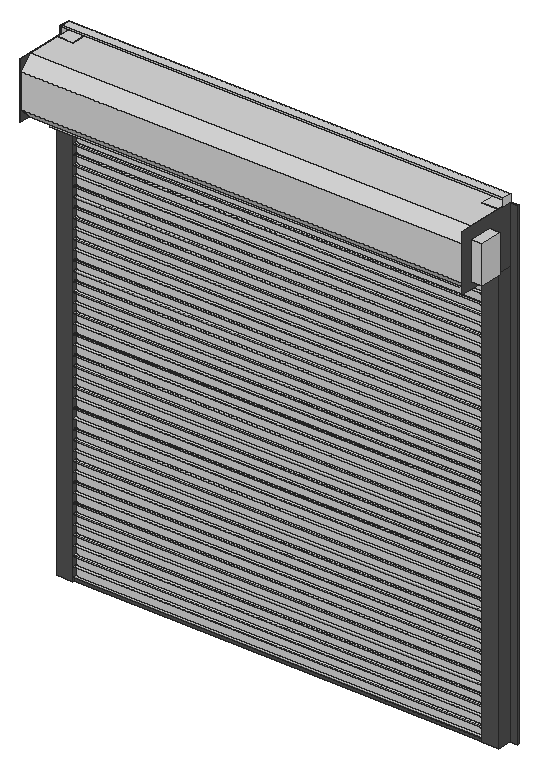
Revit family "Door_Overhead-Coiling-Fire_CHI_7300-Series-Manual", category Doors, host Wall, Revit 2026 (continued)
Definition of nested family "7300Series"
  Forms (in)
    Sweep 37, solid, material <- "Body", visible <- "Curved Slat", detail levels fine
      profile "Curved : Slat" origin (0, 4.5, 74.5) x (0, 0, 1) y (0, -1, 0)
        loop
          arc (1.5546, -0.51293) -> (1.23352, -0.55441) -> (0.91059, -0.53141) r 1.62522
          arc (0.91059, -0.53141) -> (0.83033, -0.49385) -> (0.78036, -0.42066) r 0.16796
          line (0.78036, -0.42066) -> (0.57669, 0.16982)
          arc (0.57669, 0.16982) -> (0.47751, 0.25609) -> (0.35313, 0.21355) r 0.13165
          line (0.35313, 0.21355) -> (0.19152, 0.0287)
          arc (0.19152, 0.0287) -> (-0.18091, 0.06911) -> (0.12361, -0.14908) r 0.19366
    Sweep 38, solid, material <- "Body", visible <- "Curved Slat", detail levels fine
      path origin (0, 4.5, 76.125) x (1, 0, 0) y (0, 0, 1)
        loop
          line (-36, 1) -> (36, 1)
      profile "Curved : Slat" origin (0, 4.5, 77.125) x (0, 0, 1) y (0, -1, 0)
        loop
          line (0.12361, -0.14908) -> (0.41902, 0.18881)
          arc (0.41902, 0.18881) -> (0.47785, 0.19232) -> (0.51866, 0.14981) r 0.07026
          line (0.51866, 0.14981) -> (0.72234, -0.44068)
          arc (0.72234, -0.44068) -> (0.79057, -0.54061) -> (0.90015, -0.5919) r 0.22934
          arc (0.90015, -0.5919) -> (1.23528, -0.61576) -> (1.56849, -0.57273) r 1.68661
          line (1.56849, -0.57273) -> (2.05553, -0.4596)
          arc (2.05553, -0.4596) -> (2.19143, -0.3765) -> (2.29279, -0.25361) r 0.48169
          line (2.29279, -0.25361) -> (2.41997, -0.03334) -> (2.5599, -0.03334)
          arc (2.5599, -0.03334) -> (2.77175, 0.1483) -> (2.49527, 0.18616) r 0.15297
          line (2.49527, 0.18616) -> (2.2261, -0.24458)
          arc (2.2261, -0.24458) -> (2.12605, -0.351) -> (1.99293, -0.41113) r 0.375
          line (1.99293, -0.41113) -> (1.5546, -0.51293)
          arc (1.5546, -0.51293) -> (1.23352, -0.55441) -> (0.91059, -0.53141) r 1.62522
          arc (0.91059, -0.53141) -> (0.83033, -0.49385) -> (0.78036, -0.42066) r 0.16796
          line (0.78036, -0.42066) -> (0.57669, 0.16982)
          arc (0.57669, 0.16982) -> (0.47751, 0.25609) -> (0.35313, 0.21355) r 0.13165
          line (0.35313, 0.21355) -> (0.19152, 0.0287)
          arc (0.19152, 0.0287) -> (-0.18091, 0.06911) -> (0.12361, -0.14908) r 0.19366
    Sweep 39, solid, material <- "Body", visible <- "Curved Slat", detail levels fine
      path origin (0, 4.5, 78.75) x (1, 0, 0) y (0, 0, 1)
        loop
          line (-36, 1) -> (36, 1)
      profile "Curved : Slat" origin (0, 4.5, 79.75) x (0, 0, 1) y (0, -1, 0)
        loop
          line (0.12361, -0.14908) -> (0.41902, 0.18881)
          arc (0.41902, 0.18881) -> (0.47785, 0.19232) -> (0.51866, 0.14981) r 0.07026
          line (0.51866, 0.14981) -> (0.72234, -0.44068)
          arc (0.72234, -0.44068) -> (0.79057, -0.54061) -> (0.90015, -0.5919) r 0.22934
          arc (0.90015, -0.5919) -> (1.23528, -0.61576) -> (1.56849, -0.57273) r 1.68661
          line (1.56849, -0.57273) -> (2.05553, -0.4596)
          arc (2.05553, -0.4596) -> (2.19143, -0.3765) -> (2.29279, -0.25361) r 0.48169
          line (2.29279, -0.25361) -> (2.41997, -0.03334) -> (2.5599, -0.03334)
          arc (2.5599, -0.03334) -> (2.77175, 0.1483) -> (2.49527, 0.18616) r 0.15297
          line (2.49527, 0.18616) -> (2.2261, -0.24458)
          arc (2.2261, -0.24458) -> (2.12605, -0.351) -> (1.99293, -0.41113) r 0.375
          line (1.99293, -0.41113) -> (1.5546, -0.51293)
          arc (1.5546, -0.51293) -> (1.23352, -0.55441) -> (0.91059, -0.53141) r 1.62522
          arc (0.91059, -0.53141) -> (0.83033, -0.49385) -> (0.78036, -0.42066) r 0.16796
          line (0.78036, -0.42066) -> (0.57669, 0.16982)
          arc (0.57669, 0.16982) -> (0.47751, 0.25609) -> (0.35313, 0.21355) r 0.13165
          line (0.35313, 0.21355) -> (0.19152, 0.0287)
          arc (0.19152, 0.0287) -> (-0.18091, 0.06911) -> (0.12361, -0.14908) r 0.19366
    Sweep 40, solid, material <- "Body", visible <- "Curved Slat", detail levels fine
      path origin (0, 4.5, 81.375) x (1, 0, 0) y (0, 0, 1)
        loop
          line (-36, 1) -> (36, 1)
      profile "Curved : Slat" origin (0, 4.5, 82.375) x (0, 0, 1) y (0, -1, 0)
        loop
          line (0.12361, -0.14908) -> (0.41902, 0.18881)
          arc (0.41902, 0.18881) -> (0.47785, 0.19232) -> (0.51866, 0.14981) r 0.07026
          line (0.51866, 0.14981) -> (0.72234, -0.44068)
          arc (0.72234, -0.44068) -> (0.79057, -0.54061) -> (0.90015, -0.5919) r 0.22934
          arc (0.90015, -0.5919) -> (1.23528, -0.61576) -> (1.56849, -0.57273) r 1.68661
          line (1.56849, -0.57273) -> (2.05553, -0.4596)
          arc (2.05553, -0.4596) -> (2.19143, -0.3765) -> (2.29279, -0.25361) r 0.48169
          line (2.29279, -0.25361) -> (2.41997, -0.03334) -> (2.5599, -0.03334)
          arc (2.5599, -0.03334) -> (2.77175, 0.1483) -> (2.49527, 0.18616) r 0.15297
          line (2.49527, 0.18616) -> (2.2261, -0.24458)
          arc (2.2261, -0.24458) -> (2.12605, -0.351) -> (1.99293, -0.41113) r 0.375
          line (1.99293, -0.41113) -> (1.5546, -0.51293)
          arc (1.5546, -0.51293) -> (1.23352, -0.55441) -> (0.91059, -0.53141) r 1.62522
          arc (0.91059, -0.53141) -> (0.83033, -0.49385) -> (0.78036, -0.42066) r 0.16796
          line (0.78036, -0.42066) -> (0.57669, 0.16982)
          arc (0.57669, 0.16982) -> (0.47751, 0.25609) -> (0.35313, 0.21355) r 0.13165
          line (0.35313, 0.21355) -> (0.19152, 0.0287)
          arc (0.19152, 0.0287) -> (-0.18091, 0.06911) -> (0.12361, -0.14908) r 0.19366
    Sweep 41, solid, material <- "Body", visible <- "Curved Slat", detail levels fine
      path origin (0, 4.5, 84) x (1, 0, 0) y (0, 0, 1)
        loop
          line (-36, 1) -> (36, 1)
      profile "Curved : Slat" origin (0, 4.5, 85) x (0, 0, 1) y (0, -1, 0)
        loop
          line (0.12361, -0.14908) -> (0.41902, 0.18881)
          arc (0.41902, 0.18881) -> (0.47785, 0.19232) -> (0.51866, 0.14981) r 0.07026
          line (0.51866, 0.14981) -> (0.72234, -0.44068)
          arc (0.72234, -0.44068) -> (0.79057, -0.54061) -> (0.90015, -0.5919) r 0.22934
          arc (0.90015, -0.5919) -> (1.23528, -0.61576) -> (1.56849, -0.57273) r 1.68661
          line (1.56849, -0.57273) -> (2.05553, -0.4596)
          arc (2.05553, -0.4596) -> (2.19143, -0.3765) -> (2.29279, -0.25361) r 0.48169
          line (2.29279, -0.25361) -> (2.41997, -0.03334) -> (2.5599, -0.03334)
          arc (2.5599, -0.03334) -> (2.77175, 0.1483) -> (2.49527, 0.18616) r 0.15297
          line (2.49527, 0.18616) -> (2.2261, -0.24458)
          arc (2.2261, -0.24458) -> (2.12605, -0.351) -> (1.99293, -0.41113) r 0.375
          line (1.99293, -0.41113) -> (1.5546, -0.51293)
          arc (1.5546, -0.51293) -> (1.23352, -0.55441) -> (0.91059, -0.53141) r 1.62522
          arc (0.91059, -0.53141) -> (0.83033, -0.49385) -> (0.78036, -0.42066) r 0.16796
          line (0.78036, -0.42066) -> (0.57669, 0.16982)
          arc (0.57669, 0.16982) -> (0.47751, 0.25609) -> (0.35313, 0.21355) r 0.13165
          line (0.35313, 0.21355) -> (0.19152, 0.0287)
          arc (0.19152, 0.0287) -> (-0.18091, 0.06911) -> (0.12361, -0.14908) r 0.19366
    Sweep 42, solid, material <- "Body", visible <- "Curved Slat", detail levels fine
      path origin (0, 4.5, 86.625) x (1, 0, 0) y (0, 0, 1)
        loop
          line (-36, 1) -> (36, 1)
      profile "Curved : Slat" origin (0, 4.5, 87.625) x (0, 0, 1) y (0, -1, 0)
        loop
          line (0.12361, -0.14908) -> (0.41902, 0.18881)
          arc (0.41902, 0.18881) -> (0.47785, 0.19232) -> (0.51866, 0.14981) r 0.07026
          line (0.51866, 0.14981) -> (0.72234, -0.44068)
          arc (0.72234, -0.44068) -> (0.79057, -0.54061) -> (0.90015, -0.5919) r 0.22934
          arc (0.90015, -0.5919) -> (1.23528, -0.61576) -> (1.56849, -0.57273) r 1.68661
          line (1.56849, -0.57273) -> (2.05553, -0.4596)
          arc (2.05553, -0.4596) -> (2.19143, -0.3765) -> (2.29279, -0.25361) r 0.48169
          line (2.29279, -0.25361) -> (2.41997, -0.03334) -> (2.5599, -0.03334)
          arc (2.5599, -0.03334) -> (2.77175, 0.1483) -> (2.49527, 0.18616) r 0.15297
          line (2.49527, 0.18616) -> (2.2261, -0.24458)
          arc (2.2261, -0.24458) -> (2.12605, -0.351) -> (1.99293, -0.41113) r 0.375
          line (1.99293, -0.41113) -> (1.5546, -0.51293)
          arc (1.5546, -0.51293) -> (1.23352, -0.55441) -> (0.91059, -0.53141) r 1.62522
          arc (0.91059, -0.53141) -> (0.83033, -0.49385) -> (0.78036, -0.42066) r 0.16796
          line (0.78036, -0.42066) -> (0.57669, 0.16982)
          arc (0.57669, 0.16982) -> (0.47751, 0.25609) -> (0.35313, 0.21355) r 0.13165
          line (0.35313, 0.21355) -> (0.19152, 0.0287)
          arc (0.19152, 0.0287) -> (-0.18091, 0.06911) -> (0.12361, -0.14908) r 0.19366
    Sweep 43, solid, material <- "Body", visible <- "Curved Slat", detail levels fine
      path origin (0, 4.5, 89.25) x (1, 0, 0) y (0, 0, 1)
        loop
          line (-36, 1) -> (36, 1)
      profile "Curved : Slat" origin (0, 4.5, 90.25) x (0, 0, 1) y (0, -1, 0)
        loop
          line (0.12361, -0.14908) -> (0.41902, 0.18881)
          arc (0.41902, 0.18881) -> (0.47785, 0.19232) -> (0.51866, 0.14981) r 0.07026
          line (0.51866, 0.14981) -> (0.72234, -0.44068)
          arc (0.72234, -0.44068) -> (0.79057, -0.54061) -> (0.90015, -0.5919) r 0.22934
          arc (0.90015, -0.5919) -> (1.23528, -0.61576) -> (1.56849, -0.57273) r 1.68661
          line (1.56849, -0.57273) -> (2.05553, -0.4596)
          arc (2.05553, -0.4596) -> (2.19143, -0.3765) -> (2.29279, -0.25361) r 0.48169
          line (2.29279, -0.25361) -> (2.41997, -0.03334) -> (2.5599, -0.03334)
          arc (2.5599, -0.03334) -> (2.77175, 0.1483) -> (2.49527, 0.18616) r 0.15297
          line (2.49527, 0.18616) -> (2.2261, -0.24458)
          arc (2.2261, -0.24458) -> (2.12605, -0.351) -> (1.99293, -0.41113) r 0.375
          line (1.99293, -0.41113) -> (1.5546, -0.51293)
          arc (1.5546, -0.51293) -> (1.23352, -0.55441) -> (0.91059, -0.53141) r 1.62522
          arc (0.91059, -0.53141) -> (0.83033, -0.49385) -> (0.78036, -0.42066) r 0.16796
          line (0.78036, -0.42066) -> (0.57669, 0.16982)
          arc (0.57669, 0.16982) -> (0.47751, 0.25609) -> (0.35313, 0.21355) r 0.13165
          line (0.35313, 0.21355) -> (0.19152, 0.0287)
          arc (0.19152, 0.0287) -> (-0.18091, 0.06911) -> (0.12361, -0.14908) r 0.19366
    Sweep 44, solid, material <- "Body", visible <- "Curved Slat", detail levels fine
      path origin (0, 4.5, 91.875) x (1, 0, 0) y (0, 0, 1)
        loop
          line (-36, 1) -> (36, 1)
      profile "Curved : Slat" origin (0, 4.5, 92.875) x (0, 0, 1) y (0, -1, 0)
        loop
          line (0.12361, -0.14908) -> (0.41902, 0.18881)
          arc (0.41902, 0.18881) -> (0.47785, 0.19232) -> (0.51866, 0.14981) r 0.07026
          line (0.51866, 0.14981) -> (0.72234, -0.44068)
          arc (0.72234, -0.44068) -> (0.79057, -0.54061) -> (0.90015, -0.5919) r 0.22934
          arc (0.90015, -0.5919) -> (1.23528, -0.61576) -> (1.56849, -0.57273) r 1.68661
          line (1.56849, -0.57273) -> (2.05553, -0.4596)
          arc (2.05553, -0.4596) -> (2.19143, -0.3765) -> (2.29279, -0.25361) r 0.48169
          line (2.29279, -0.25361) -> (2.41997, -0.03334) -> (2.5599, -0.03334)
          arc (2.5599, -0.03334) -> (2.77175, 0.1483) -> (2.49527, 0.18616) r 0.15297
          line (2.49527, 0.18616) -> (2.2261, -0.24458)
          arc (2.2261, -0.24458) -> (2.12605, -0.351) -> (1.99293, -0.41113) r 0.375
          line (1.99293, -0.41113) -> (1.5546, -0.51293)
          arc (1.5546, -0.51293) -> (1.23352, -0.55441) -> (0.91059, -0.53141) r 1.62522
          arc (0.91059, -0.53141) -> (0.83033, -0.49385) -> (0.78036, -0.42066) r 0.16796
          line (0.78036, -0.42066) -> (0.57669, 0.16982)
          arc (0.57669, 0.16982) -> (0.47751, 0.25609) -> (0.35313, 0.21355) r 0.13165
          line (0.35313, 0.21355) -> (0.19152, 0.0287)
          arc (0.19152, 0.0287) -> (-0.18091, 0.06911) -> (0.12361, -0.14908) r 0.19366
    Sweep 45, solid, material <- "Body", visible <- "Curved Slat", detail levels fine
      path origin (0, 4.5, 94.5) x (1, 0, 0) y (0, 0, 1)
        loop
          line (-36, 1) -> (36, 1)
      profile "Curved : Slat" origin (0, 4.5, 95.5) x (0, 0, 1) y (0, -1, 0)
        loop
          line (0.12361, -0.14908) -> (0.41902, 0.18881)
          arc (0.41902, 0.18881) -> (0.47785, 0.19232) -> (0.51866, 0.14981) r 0.07026
          line (0.51866, 0.14981) -> (0.72234, -0.44068)
          arc (0.72234, -0.44068) -> (0.79057, -0.54061) -> (0.90015, -0.5919) r 0.22934
          arc (0.90015, -0.5919) -> (1.23528, -0.61576) -> (1.56849, -0.57273) r 1.68661
          line (1.56849, -0.57273) -> (2.05553, -0.4596)
          arc (2.05553, -0.4596) -> (2.19143, -0.3765) -> (2.29279, -0.25361) r 0.48169
          line (2.29279, -0.25361) -> (2.41997, -0.03334) -> (2.5599, -0.03334)
          arc (2.5599, -0.03334) -> (2.77175, 0.1483) -> (2.49527, 0.18616) r 0.15297
          line (2.49527, 0.18616) -> (2.2261, -0.24458)
          arc (2.2261, -0.24458) -> (2.12605, -0.351) -> (1.99293, -0.41113) r 0.375
          line (1.99293, -0.41113) -> (1.5546, -0.51293)
          arc (1.5546, -0.51293) -> (1.23352, -0.55441) -> (0.91059, -0.53141) r 1.62522
          arc (0.91059, -0.53141) -> (0.83033, -0.49385) -> (0.78036, -0.42066) r 0.16796
          line (0.78036, -0.42066) -> (0.57669, 0.16982)
          arc (0.57669, 0.16982) -> (0.47751, 0.25609) -> (0.35313, 0.21355) r 0.13165
          line (0.35313, 0.21355) -> (0.19152, 0.0287)
          arc (0.19152, 0.0287) -> (-0.18091, 0.06911) -> (0.12361, -0.14908) r 0.19366
    Extrusion 46, solid, material <- "Frame"
      sketch origin (0, 4.5, 0) x (0, 1, 0) y (0, 0, 1)
        loop
          line (0.49081, 0.89822) -> (-0.25919, 0.75244) -> (-0.25919, 0) -> (0.49081, 0) -> (0.49081, 0.89822)
      from -36 to 36
    Extrusion 47, solid, material <- "Body"
      sketch origin (-11.94222, -8, 48) x (-1, 0, 0) y (0, 0, 1)
        loop
          line (-55.19222, 62) -> (-55.19222, 52) -> (-51.44222, 52) -> (-51.44222, 62) -> (-55.19222, 62)
      from 2.78531 to 8.83592
    Extrusion 48, solid, material <- "curtain material for coarse and medium detail views", detail levels coarse+medium
      sketch origin (0, 0, 0) x (0, 1, 0) y (0, 0, 1)
        loop
          line (4.99081, 0.89822) -> (4.99081, 98.75244) -> (4.24081, 98.75244) -> (4.24081, 0.75244) -> (4.99081, 0.89822)
      from -36 to 36
    Extrusion 49, solid, material <- "Frame"
      sketch origin (-42.5, 19.20673, 48) x (0, 1, 0) y (0, 0, 1)
        loop
          circle (-19.77012, 57.15007) r 3.25
      from 0 to 6.5
    Sweep 50, solid, material <- "Body", visible <- "Flat Slat", detail levels fine
      path origin (0, 0, 0) x (1, 0, 0) y (0, 0, 1)
        loop
          line (-36, 1) -> (36, 1)
      profile "Flat : Slat" origin (0, 0, 1) x (0, 0, 1) y (0, -1, 0)
        loop
          line (2.23322, -4.99081) -> (2.26116, -4.67141) -> (2.67319, -4.67141)
          arc (2.67319, -4.67141) -> (2.56492, -4.25694) -> (2.21349, -4.50191) r 0.2611
          line (2.21349, -4.50191) -> (2.17618, -4.92831) -> (-0.05026, -4.92831) -> (-0.09564, -4.69484) -> (-0.03027, -4.69484)
          arc (-0.03027, -4.69484) -> (0.14975, -4.37172) -> (-0.19718, -4.5) r 0.19718
          line (-0.19718, -4.5) -> (-0.10178, -4.99081) -> (2.23322, -4.99081)
    Sweep 51, solid, material <- "Body", visible <- "Flat Slat", detail levels fine
      path origin (0, 0, 2.5) x (1, 0, 0) y (0, 0, 1)
        loop
          line (-36, 1) -> (36, 1)
      profile "Flat : Slat" origin (0, 0, 3.5) x (0, 0, 1) y (0, -1, 0)
        loop
          line (2.23322, -4.99081) -> (2.26116, -4.67141) -> (2.67319, -4.67141)
          arc (2.67319, -4.67141) -> (2.56492, -4.25694) -> (2.21349, -4.50191) r 0.2611
          line (2.21349, -4.50191) -> (2.17618, -4.92831) -> (-0.05026, -4.92831) -> (-0.09564, -4.69484) -> (-0.03027, -4.69484)
          arc (-0.03027, -4.69484) -> (0.14975, -4.37172) -> (-0.19718, -4.5) r 0.19718
          line (-0.19718, -4.5) -> (-0.10178, -4.99081) -> (2.23322, -4.99081)
    Sweep 52, solid, material <- "Body", visible <- "Flat Slat", detail levels fine
      path origin (0, 0, 5) x (1, 0, 0) y (0, 0, 1)
        loop
          line (-36, 1) -> (36, 1)
      profile "Flat : Slat" origin (0, 0, 6) x (0, 0, 1) y (0, -1, 0)
        loop
          line (2.23322, -4.99081) -> (2.26116, -4.67141) -> (2.67319, -4.67141)
          arc (2.67319, -4.67141) -> (2.56492, -4.25694) -> (2.21349, -4.50191) r 0.2611
          line (2.21349, -4.50191) -> (2.17618, -4.92831) -> (-0.05026, -4.92831) -> (-0.09564, -4.69484) -> (-0.03027, -4.69484)
          arc (-0.03027, -4.69484) -> (0.14975, -4.37172) -> (-0.19718, -4.5) r 0.19718
          line (-0.19718, -4.5) -> (-0.10178, -4.99081) -> (2.23322, -4.99081)
    Sweep 53, solid, material <- "Body", visible <- "Flat Slat", detail levels fine
      path origin (0, 0, 7.5) x (1, 0, 0) y (0, 0, 1)
        loop
          line (-36, 1) -> (36, 1)
      profile "Flat : Slat" origin (0, 0, 8.5) x (0, 0, 1) y (0, -1, 0)
        loop
          line (2.23322, -4.99081) -> (2.26116, -4.67141) -> (2.67319, -4.67141)
          arc (2.67319, -4.67141) -> (2.56492, -4.25694) -> (2.21349, -4.50191) r 0.2611
          line (2.21349, -4.50191) -> (2.17618, -4.92831) -> (-0.05026, -4.92831) -> (-0.09564, -4.69484) -> (-0.03027, -4.69484)
          arc (-0.03027, -4.69484) -> (0.14975, -4.37172) -> (-0.19718, -4.5) r 0.19718
          line (-0.19718, -4.5) -> (-0.10178, -4.99081) -> (2.23322, -4.99081)
    Sweep 54, solid, material <- "Body", visible <- "Flat Slat", detail levels fine
      path origin (0, 0, 10) x (1, 0, 0) y (0, 0, 1)
        loop
          line (-36, 1) -> (36, 1)
      profile "Flat : Slat" origin (0, 0, 11) x (0, 0, 1) y (0, -1, 0)
        loop
          line (2.23322, -4.99081) -> (2.26116, -4.67141) -> (2.67319, -4.67141)
          arc (2.67319, -4.67141) -> (2.56492, -4.25694) -> (2.21349, -4.50191) r 0.2611
          line (2.21349, -4.50191) -> (2.17618, -4.92831) -> (-0.05026, -4.92831) -> (-0.09564, -4.69484) -> (-0.03027, -4.69484)
          arc (-0.03027, -4.69484) -> (0.14975, -4.37172) -> (-0.19718, -4.5) r 0.19718
          line (-0.19718, -4.5) -> (-0.10178, -4.99081) -> (2.23322, -4.99081)
    Sweep 55, solid, material <- "Body", visible <- "Flat Slat", detail levels fine
      path origin (0, 0, 12.5) x (1, 0, 0) y (0, 0, 1)
        loop
          line (-36, 1) -> (36, 1)
      profile "Flat : Slat" origin (0, 0, 13.5) x (0, 0, 1) y (0, -1, 0)
        loop
          line (2.23322, -4.99081) -> (2.26116, -4.67141) -> (2.67319, -4.67141)
          arc (2.67319, -4.67141) -> (2.56492, -4.25694) -> (2.21349, -4.50191) r 0.2611
          line (2.21349, -4.50191) -> (2.17618, -4.92831) -> (-0.05026, -4.92831) -> (-0.09564, -4.69484) -> (-0.03027, -4.69484)
          arc (-0.03027, -4.69484) -> (0.14975, -4.37172) -> (-0.19718, -4.5) r 0.19718
          line (-0.19718, -4.5) -> (-0.10178, -4.99081) -> (2.23322, -4.99081)
    Sweep 56, solid, material <- "Body", visible <- "Flat Slat", detail levels fine
      path origin (0, 0, 15) x (1, 0, 0) y (0, 0, 1)
        loop
          line (-36, 1) -> (36, 1)
      profile "Flat : Slat" origin (0, 0, 16) x (0, 0, 1) y (0, -1, 0)
        loop
          line (2.23322, -4.99081) -> (2.26116, -4.67141) -> (2.67319, -4.67141)
          arc (2.67319, -4.67141) -> (2.56492, -4.25694) -> (2.21349, -4.50191) r 0.2611
          line (2.21349, -4.50191) -> (2.17618, -4.92831) -> (-0.05026, -4.92831) -> (-0.09564, -4.69484) -> (-0.03027, -4.69484)
          arc (-0.03027, -4.69484) -> (0.14975, -4.37172) -> (-0.19718, -4.5) r 0.19718
          line (-0.19718, -4.5) -> (-0.10178, -4.99081) -> (2.23322, -4.99081)
    Sweep 57, solid, material <- "Body", visible <- "Flat Slat", detail levels fine
      path origin (0, 0, 17.5) x (1, 0, 0) y (0, 0, 1)
        loop
          line (-36, 1) -> (36, 1)
      profile "Flat : Slat" origin (0, 0, 18.5) x (0, 0, 1) y (0, -1, 0)
        loop
          line (2.23322, -4.99081) -> (2.26116, -4.67141) -> (2.67319, -4.67141)
          arc (2.67319, -4.67141) -> (2.56492, -4.25694) -> (2.21349, -4.50191) r 0.2611
          line (2.21349, -4.50191) -> (2.17618, -4.92831) -> (-0.05026, -4.92831) -> (-0.09564, -4.69484) -> (-0.03027, -4.69484)
          arc (-0.03027, -4.69484) -> (0.14975, -4.37172) -> (-0.19718, -4.5) r 0.19718
          line (-0.19718, -4.5) -> (-0.10178, -4.99081) -> (2.23322, -4.99081)
    Sweep 58, solid, material <- "Body", visible <- "Flat Slat", detail levels fine
      path origin (0, 0, 20) x (1, 0, 0) y (0, 0, 1)
        loop
          line (-36, 1) -> (36, 1)
      profile "Flat : Slat" origin (0, 0, 21) x (0, 0, 1) y (0, -1, 0)
        loop
          line (2.23322, -4.99081) -> (2.26116, -4.67141) -> (2.67319, -4.67141)
          arc (2.67319, -4.67141) -> (2.56492, -4.25694) -> (2.21349, -4.50191) r 0.2611
          line (2.21349, -4.50191) -> (2.17618, -4.92831) -> (-0.05026, -4.92831) -> (-0.09564, -4.69484) -> (-0.03027, -4.69484)
          arc (-0.03027, -4.69484) -> (0.14975, -4.37172) -> (-0.19718, -4.5) r 0.19718
          line (-0.19718, -4.5) -> (-0.10178, -4.99081) -> (2.23322, -4.99081)
    Sweep 59, solid, material <- "Body", visible <- "Flat Slat", detail levels fine
      path origin (0, 0, 22.5) x (1, 0, 0) y (0, 0, 1)
        loop
          line (-36, 1) -> (36, 1)
      profile "Flat : Slat" origin (0, 0, 23.5) x (0, 0, 1) y (0, -1, 0)
        loop
          line (2.23322, -4.99081) -> (2.26116, -4.67141) -> (2.67319, -4.67141)
          arc (2.67319, -4.67141) -> (2.56492, -4.25694) -> (2.21349, -4.50191) r 0.2611
          line (2.21349, -4.50191) -> (2.17618, -4.92831) -> (-0.05026, -4.92831) -> (-0.09564, -4.69484) -> (-0.03027, -4.69484)
          arc (-0.03027, -4.69484) -> (0.14975, -4.37172) -> (-0.19718, -4.5) r 0.19718
          line (-0.19718, -4.5) -> (-0.10178, -4.99081) -> (2.23322, -4.99081)
    Sweep 60, solid, material <- "Body", visible <- "Flat Slat", detail levels fine
      path origin (0, 0, 25) x (1, 0, 0) y (0, 0, 1)
        loop
          line (-36, 1) -> (36, 1)
      profile "Flat : Slat" origin (0, 0, 26) x (0, 0, 1) y (0, -1, 0)
        loop
          line (2.23322, -4.99081) -> (2.26116, -4.67141) -> (2.67319, -4.67141)
          arc (2.67319, -4.67141) -> (2.56492, -4.25694) -> (2.21349, -4.50191) r 0.2611
          line (2.21349, -4.50191) -> (2.17618, -4.92831) -> (-0.05026, -4.92831) -> (-0.09564, -4.69484) -> (-0.03027, -4.69484)
          arc (-0.03027, -4.69484) -> (0.14975, -4.37172) -> (-0.19718, -4.5) r 0.19718
          line (-0.19718, -4.5) -> (-0.10178, -4.99081) -> (2.23322, -4.99081)
    Sweep 61, solid, material <- "Body", visible <- "Flat Slat", detail levels fine
      path origin (0, 0, 27.5) x (1, 0, 0) y (0, 0, 1)
        loop
          line (-36, 1) -> (36, 1)
      profile "Flat : Slat" origin (0, 0, 28.5) x (0, 0, 1) y (0, -1, 0)
        loop
          line (2.23322, -4.99081) -> (2.26116, -4.67141) -> (2.67319, -4.67141)
          arc (2.67319, -4.67141) -> (2.56492, -4.25694) -> (2.21349, -4.50191) r 0.2611
          line (2.21349, -4.50191) -> (2.17618, -4.92831) -> (-0.05026, -4.92831) -> (-0.09564, -4.69484) -> (-0.03027, -4.69484)
          arc (-0.03027, -4.69484) -> (0.14975, -4.37172) -> (-0.19718, -4.5) r 0.19718
          line (-0.19718, -4.5) -> (-0.10178, -4.99081) -> (2.23322, -4.99081)
    Sweep 62, solid, material <- "Body", visible <- "Flat Slat", detail levels fine
      path origin (0, 0, 30) x (1, 0, 0) y (0, 0, 1)
        loop
          line (-36, 1) -> (36, 1)
      profile "Flat : Slat" origin (0, 0, 31) x (0, 0, 1) y (0, -1, 0)
        loop
          line (2.23322, -4.99081) -> (2.26116, -4.67141) -> (2.67319, -4.67141)
          arc (2.67319, -4.67141) -> (2.56492, -4.25694) -> (2.21349, -4.50191) r 0.2611
          line (2.21349, -4.50191) -> (2.17618, -4.92831) -> (-0.05026, -4.92831) -> (-0.09564, -4.69484) -> (-0.03027, -4.69484)
          arc (-0.03027, -4.69484) -> (0.14975, -4.37172) -> (-0.19718, -4.5) r 0.19718
          line (-0.19718, -4.5) -> (-0.10178, -4.99081) -> (2.23322, -4.99081)
    Sweep 63, solid, material <- "Body", visible <- "Flat Slat", detail levels fine
      path origin (0, 0, 32.5) x (1, 0, 0) y (0, 0, 1)
        loop
          line (-36, 1) -> (36, 1)
      profile "Flat : Slat" origin (0, 0, 33.5) x (0, 0, 1) y (0, -1, 0)
        loop
          line (2.23322, -4.99081) -> (2.26116, -4.67141) -> (2.67319, -4.67141)
          arc (2.67319, -4.67141) -> (2.56492, -4.25694) -> (2.21349, -4.50191) r 0.2611
          line (2.21349, -4.50191) -> (2.17618, -4.92831) -> (-0.05026, -4.92831) -> (-0.09564, -4.69484) -> (-0.03027, -4.69484)
          arc (-0.03027, -4.69484) -> (0.14975, -4.37172) -> (-0.19718, -4.5) r 0.19718
          line (-0.19718, -4.5) -> (-0.10178, -4.99081) -> (2.23322, -4.99081)
    Sweep 64, solid, material <- "Body", visible <- "Flat Slat", detail levels fine
      path origin (0, 0, 35) x (1, 0, 0) y (0, 0, 1)
        loop
          line (-36, 1) -> (36, 1)
      profile "Flat : Slat" origin (0, 0, 36) x (0, 0, 1) y (0, -1, 0)
        loop
          line (2.23322, -4.99081) -> (2.26116, -4.67141) -> (2.67319, -4.67141)
          arc (2.67319, -4.67141) -> (2.56492, -4.25694) -> (2.21349, -4.50191) r 0.2611
          line (2.21349, -4.50191) -> (2.17618, -4.92831) -> (-0.05026, -4.92831) -> (-0.09564, -4.69484) -> (-0.03027, -4.69484)
          arc (-0.03027, -4.69484) -> (0.14975, -4.37172) -> (-0.19718, -4.5) r 0.19718
          line (-0.19718, -4.5) -> (-0.10178, -4.99081) -> (2.23322, -4.99081)
    Sweep 65, solid, material <- "Body", visible <- "Flat Slat", detail levels fine
      path origin (0, 0, 37.5) x (1, 0, 0) y (0, 0, 1)
        loop
          line (-36, 1) -> (36, 1)
      profile "Flat : Slat" origin (0, 0, 38.5) x (0, 0, 1) y (0, -1, 0)
        loop
          line (2.23322, -4.99081) -> (2.26116, -4.67141) -> (2.67319, -4.67141)
          arc (2.67319, -4.67141) -> (2.56492, -4.25694) -> (2.21349, -4.50191) r 0.2611
          line (2.21349, -4.50191) -> (2.17618, -4.92831) -> (-0.05026, -4.92831) -> (-0.09564, -4.69484) -> (-0.03027, -4.69484)
          arc (-0.03027, -4.69484) -> (0.14975, -4.37172) -> (-0.19718, -4.5) r 0.19718
          line (-0.19718, -4.5) -> (-0.10178, -4.99081) -> (2.23322, -4.99081)
    Sweep 66, solid, material <- "Body", visible <- "Flat Slat", detail levels fine
      path origin (0, 0, 40) x (1, 0, 0) y (0, 0, 1)
        loop
          line (-36, 1) -> (36, 1)
      profile "Flat : Slat" origin (0, 0, 41) x (0, 0, 1) y (0, -1, 0)
        loop
          line (2.23322, -4.99081) -> (2.26116, -4.67141) -> (2.67319, -4.67141)
          arc (2.67319, -4.67141) -> (2.56492, -4.25694) -> (2.21349, -4.50191) r 0.2611
          line (2.21349, -4.50191) -> (2.17618, -4.92831) -> (-0.05026, -4.92831) -> (-0.09564, -4.69484) -> (-0.03027, -4.69484)
          arc (-0.03027, -4.69484) -> (0.14975, -4.37172) -> (-0.19718, -4.5) r 0.19718
          line (-0.19718, -4.5) -> (-0.10178, -4.99081) -> (2.23322, -4.99081)
    Sweep 67, solid, material <- "Body", visible <- "Flat Slat", detail levels fine
      path origin (0, 0, 42.5) x (1, 0, 0) y (0, 0, 1)
        loop
          line (-36, 1) -> (36, 1)
      profile "Flat : Slat" origin (0, 0, 43.5) x (0, 0, 1) y (0, -1, 0)
        loop
          line (2.23322, -4.99081) -> (2.26116, -4.67141) -> (2.67319, -4.67141)
          arc (2.67319, -4.67141) -> (2.56492, -4.25694) -> (2.21349, -4.50191) r 0.2611
          line (2.21349, -4.50191) -> (2.17618, -4.92831) -> (-0.05026, -4.92831) -> (-0.09564, -4.69484) -> (-0.03027, -4.69484)
          arc (-0.03027, -4.69484) -> (0.14975, -4.37172) -> (-0.19718, -4.5) r 0.19718
          line (-0.19718, -4.5) -> (-0.10178, -4.99081) -> (2.23322, -4.99081)
    Sweep 68, solid, material <- "Body", visible <- "Flat Slat", detail levels fine
      path origin (0, 0, 45) x (1, 0, 0) y (0, 0, 1)
        loop
          line (-36, 1) -> (36, 1)
      profile "Flat : Slat" origin (0, 0, 46) x (0, 0, 1) y (0, -1, 0)
        loop
          line (2.23322, -4.99081) -> (2.26116, -4.67141) -> (2.67319, -4.67141)
          arc (2.67319, -4.67141) -> (2.56492, -4.25694) -> (2.21349, -4.50191) r 0.2611
          line (2.21349, -4.50191) -> (2.17618, -4.92831) -> (-0.05026, -4.92831) -> (-0.09564, -4.69484) -> (-0.03027, -4.69484)
          arc (-0.03027, -4.69484) -> (0.14975, -4.37172) -> (-0.19718, -4.5) r 0.19718
          line (-0.19718, -4.5) -> (-0.10178, -4.99081) -> (2.23322, -4.99081)
    Sweep 69, solid, material <- "Body", visible <- "Flat Slat", detail levels fine
      path origin (0, 0, 47.5) x (1, 0, 0) y (0, 0, 1)
        loop
          line (-36, 1) -> (36, 1)
      profile "Flat : Slat" origin (0, 0, 48.5) x (0, 0, 1) y (0, -1, 0)
        loop
          line (2.23322, -4.99081) -> (2.26116, -4.67141) -> (2.67319, -4.67141)
          arc (2.67319, -4.67141) -> (2.56492, -4.25694) -> (2.21349, -4.50191) r 0.2611
          line (2.21349, -4.50191) -> (2.17618, -4.92831) -> (-0.05026, -4.92831) -> (-0.09564, -4.69484) -> (-0.03027, -4.69484)
          arc (-0.03027, -4.69484) -> (0.14975, -4.37172) -> (-0.19718, -4.5) r 0.19718
          line (-0.19718, -4.5) -> (-0.10178, -4.99081) -> (2.23322, -4.99081)
    Sweep 70, solid, material <- "Body", visible <- "Flat Slat", detail levels fine
      path origin (0, 0, 50) x (1, 0, 0) y (0, 0, 1)
        loop
          line (-36, 1) -> (36, 1)
      profile "Flat : Slat" origin (0, 0, 51) x (0, 0, 1) y (0, -1, 0)
        loop
          line (2.23322, -4.99081) -> (2.26116, -4.67141) -> (2.67319, -4.67141)
          arc (2.67319, -4.67141) -> (2.56492, -4.25694) -> (2.21349, -4.50191) r 0.2611
          line (2.21349, -4.50191) -> (2.17618, -4.92831) -> (-0.05026, -4.92831) -> (-0.09564, -4.69484) -> (-0.03027, -4.69484)
          arc (-0.03027, -4.69484) -> (0.14975, -4.37172) -> (-0.19718, -4.5) r 0.19718
          line (-0.19718, -4.5) -> (-0.10178, -4.99081) -> (2.23322, -4.99081)
    Sweep 71, solid, material <- "Body", visible <- "Flat Slat", detail levels fine
      path origin (0, 0, 52.5) x (1, 0, 0) y (0, 0, 1)
        loop
          line (-36, 1) -> (36, 1)
      profile "Flat : Slat" origin (0, 0, 53.5) x (0, 0, 1) y (0, -1, 0)
        loop
          line (2.23322, -4.99081) -> (2.26116, -4.67141) -> (2.67319, -4.67141)
          arc (2.67319, -4.67141) -> (2.56492, -4.25694) -> (2.21349, -4.50191) r 0.2611
          line (2.21349, -4.50191) -> (2.17618, -4.92831) -> (-0.05026, -4.92831) -> (-0.09564, -4.69484) -> (-0.03027, -4.69484)
          arc (-0.03027, -4.69484) -> (0.14975, -4.37172) -> (-0.19718, -4.5) r 0.19718
          line (-0.19718, -4.5) -> (-0.10178, -4.99081) -> (2.23322, -4.99081)
    Sweep 72, solid, material <- "Body", visible <- "Flat Slat", detail levels fine
      path origin (0, 0, 55) x (1, 0, 0) y (0, 0, 1)
        loop
          line (-36, 1) -> (36, 1)
      profile "Flat : Slat" origin (0, 0, 56) x (0, 0, 1) y (0, -1, 0)
        loop
          line (2.23322, -4.99081) -> (2.26116, -4.67141) -> (2.67319, -4.67141)
          arc (2.67319, -4.67141) -> (2.56492, -4.25694) -> (2.21349, -4.50191) r 0.2611
          line (2.21349, -4.50191) -> (2.17618, -4.92831) -> (-0.05026, -4.92831) -> (-0.09564, -4.69484) -> (-0.03027, -4.69484)
          arc (-0.03027, -4.69484) -> (0.14975, -4.37172) -> (-0.19718, -4.5) r 0.19718
          line (-0.19718, -4.5) -> (-0.10178, -4.99081) -> (2.23322, -4.99081)
    Sweep 73, solid, material <- "Body", visible <- "Flat Slat", detail levels fine
      path origin (0, 0, 57.5) x (1, 0, 0) y (0, 0, 1)
        loop
          line (-36, 1) -> (36, 1)
      profile "Flat : Slat" origin (0, 0, 58.5) x (0, 0, 1) y (0, -1, 0)
        loop
          line (2.23322, -4.99081) -> (2.26116, -4.67141) -> (2.67319, -4.67141)
          arc (2.67319, -4.67141) -> (2.56492, -4.25694) -> (2.21349, -4.50191) r 0.2611
          line (2.21349, -4.50191) -> (2.17618, -4.92831) -> (-0.05026, -4.92831) -> (-0.09564, -4.69484) -> (-0.03027, -4.69484)
          arc (-0.03027, -4.69484) -> (0.14975, -4.37172) -> (-0.19718, -4.5) r 0.19718
          line (-0.19718, -4.5) -> (-0.10178, -4.99081) -> (2.23322, -4.99081)
    Sweep 74, solid, material <- "Body", visible <- "Flat Slat", detail levels fine
      path origin (0, 0, 60) x (1, 0, 0) y (0, 0, 1)
        loop
          line (-36, 1) -> (36, 1)
      profile "Flat : Slat" origin (0, 0, 61) x (0, 0, 1) y (0, -1, 0)
        loop
          line (2.23322, -4.99081) -> (2.26116, -4.67141) -> (2.67319, -4.67141)
          arc (2.67319, -4.67141) -> (2.56492, -4.25694) -> (2.21349, -4.50191) r 0.2611
          line (2.21349, -4.50191) -> (2.17618, -4.92831) -> (-0.05026, -4.92831) -> (-0.09564, -4.69484) -> (-0.03027, -4.69484)
          arc (-0.03027, -4.69484) -> (0.14975, -4.37172) -> (-0.19718, -4.5) r 0.19718
          line (-0.19718, -4.5) -> (-0.10178, -4.99081) -> (2.23322, -4.99081)
    Sweep 75, solid, material <- "Body", visible <- "Flat Slat", detail levels fine
      path origin (0, 0, 62.5) x (1, 0, 0) y (0, 0, 1)
        loop
          line (-36, 1) -> (36, 1)
      profile "Flat : Slat" origin (0, 0, 63.5) x (0, 0, 1) y (0, -1, 0)
        loop
          line (2.23322, -4.99081) -> (2.26116, -4.67141) -> (2.67319, -4.67141)
          arc (2.67319, -4.67141) -> (2.56492, -4.25694) -> (2.21349, -4.50191) r 0.2611
          line (2.21349, -4.50191) -> (2.17618, -4.92831) -> (-0.05026, -4.92831) -> (-0.09564, -4.69484) -> (-0.03027, -4.69484)
          arc (-0.03027, -4.69484) -> (0.14975, -4.37172) -> (-0.19718, -4.5) r 0.19718
          line (-0.19718, -4.5) -> (-0.10178, -4.99081) -> (2.23322, -4.99081)
    Sweep 76, solid, material <- "Body", visible <- "Flat Slat", detail levels fine
      path origin (0, 0, 65) x (1, 0, 0) y (0, 0, 1)
        loop
          line (-36, 1) -> (36, 1)
      profile "Flat : Slat" origin (0, 0, 66) x (0, 0, 1) y (0, -1, 0)
        loop
          line (2.23322, -4.99081) -> (2.26116, -4.67141) -> (2.67319, -4.67141)
          arc (2.67319, -4.67141) -> (2.56492, -4.25694) -> (2.21349, -4.50191) r 0.2611
          line (2.21349, -4.50191) -> (2.17618, -4.92831) -> (-0.05026, -4.92831) -> (-0.09564, -4.69484) -> (-0.03027, -4.69484)
          arc (-0.03027, -4.69484) -> (0.14975, -4.37172) -> (-0.19718, -4.5) r 0.19718
          line (-0.19718, -4.5) -> (-0.10178, -4.99081) -> (2.23322, -4.99081)
    Sweep 77, solid, material <- "Body", visible <- "Flat Slat", detail levels fine
      path origin (0, 0, 67.5) x (1, 0, 0) y (0, 0, 1)
        loop
          line (-36, 1) -> (36, 1)
      profile "Flat : Slat" origin (0, 0, 68.5) x (0, 0, 1) y (0, -1, 0)
        loop
          line (2.23322, -4.99081) -> (2.26116, -4.67141) -> (2.67319, -4.67141)
          arc (2.67319, -4.67141) -> (2.56492, -4.25694) -> (2.21349, -4.50191) r 0.2611
          line (2.21349, -4.50191) -> (2.17618, -4.92831) -> (-0.05026, -4.92831) -> (-0.09564, -4.69484) -> (-0.03027, -4.69484)
          arc (-0.03027, -4.69484) -> (0.14975, -4.37172) -> (-0.19718, -4.5) r 0.19718
          line (-0.19718, -4.5) -> (-0.10178, -4.99081) -> (2.23322, -4.99081)
    Sweep 78, solid, material <- "Body", visible <- "Flat Slat", detail levels fine
      path origin (0, 0, 70) x (1, 0, 0) y (0, 0, 1)
        loop
          line (-36, 1) -> (36, 1)
      profile "Flat : Slat" origin (0, 0, 71) x (0, 0, 1) y (0, -1, 0)
        loop
          line (2.23322, -4.99081) -> (2.26116, -4.67141) -> (2.67319, -4.67141)
          arc (2.67319, -4.67141) -> (2.56492, -4.25694) -> (2.21349, -4.50191) r 0.2611
          line (2.21349, -4.50191) -> (2.17618, -4.92831) -> (-0.05026, -4.92831) -> (-0.09564, -4.69484) -> (-0.03027, -4.69484)
          arc (-0.03027, -4.69484) -> (0.14975, -4.37172) -> (-0.19718, -4.5) r 0.19718
          line (-0.19718, -4.5) -> (-0.10178, -4.99081) -> (2.23322, -4.99081)
    Sweep 79, solid, material <- "Body", visible <- "Flat Slat", detail levels fine
      path origin (0, 0, 72.5) x (1, 0, 0) y (0, 0, 1)
        loop
          line (-36, 1) -> (36, 1)
      profile "Flat : Slat" origin (0, 0, 73.5) x (0, 0, 1) y (0, -1, 0)
        loop
          line (2.23322, -4.99081) -> (2.26116, -4.67141) -> (2.67319, -4.67141)
          arc (2.67319, -4.67141) -> (2.56492, -4.25694) -> (2.21349, -4.50191) r 0.2611
          line (2.21349, -4.50191) -> (2.17618, -4.92831) -> (-0.05026, -4.92831) -> (-0.09564, -4.69484) -> (-0.03027, -4.69484)
          arc (-0.03027, -4.69484) -> (0.14975, -4.37172) -> (-0.19718, -4.5) r 0.19718
          line (-0.19718, -4.5) -> (-0.10178, -4.99081) -> (2.23322, -4.99081)
    Sweep 80, solid, material <- "Body", visible <- "Flat Slat", detail levels fine
      path origin (0, 0, 75) x (1, 0, 0) y (0, 0, 1)
        loop
          line (-36, 1) -> (36, 1)
      profile "Flat : Slat" origin (0, 0, 76) x (0, 0, 1) y (0, -1, 0)
        loop
          line (2.23322, -4.99081) -> (2.26116, -4.67141) -> (2.67319, -4.67141)
          arc (2.67319, -4.67141) -> (2.56492, -4.25694) -> (2.21349, -4.50191) r 0.2611
          line (2.21349, -4.50191) -> (2.17618, -4.92831) -> (-0.05026, -4.92831) -> (-0.09564, -4.69484) -> (-0.03027, -4.69484)
          arc (-0.03027, -4.69484) -> (0.14975, -4.37172) -> (-0.19718, -4.5) r 0.19718
          line (-0.19718, -4.5) -> (-0.10178, -4.99081) -> (2.23322, -4.99081)
    Sweep 81, solid, material <- "Body", visible <- "Flat Slat", detail levels fine
      path origin (0, 0, 77.5) x (1, 0, 0) y (0, 0, 1)
        loop
          line (-36, 1) -> (36, 1)
      profile "Flat : Slat" origin (0, 0, 78.5) x (0, 0, 1) y (0, -1, 0)
        loop
          line (2.23322, -4.99081) -> (2.26116, -4.67141) -> (2.67319, -4.67141)
          arc (2.67319, -4.67141) -> (2.56492, -4.25694) -> (2.21349, -4.50191) r 0.2611
          line (2.21349, -4.50191) -> (2.17618, -4.92831) -> (-0.05026, -4.92831) -> (-0.09564, -4.69484) -> (-0.03027, -4.69484)
          arc (-0.03027, -4.69484) -> (0.14975, -4.37172) -> (-0.19718, -4.5) r 0.19718
          line (-0.19718, -4.5) -> (-0.10178, -4.99081) -> (2.23322, -4.99081)
    Sweep 82, solid, material <- "Body", visible <- "Flat Slat", detail levels fine
      path origin (0, 0, 80) x (1, 0, 0) y (0, 0, 1)
        loop
          line (-36, 1) -> (36, 1)
      profile "Flat : Slat" origin (0, 0, 81) x (0, 0, 1) y (0, -1, 0)
        loop
          line (2.23322, -4.99081) -> (2.26116, -4.67141) -> (2.67319, -4.67141)
          arc (2.67319, -4.67141) -> (2.56492, -4.25694) -> (2.21349, -4.50191) r 0.2611
          line (2.21349, -4.50191) -> (2.17618, -4.92831) -> (-0.05026, -4.92831) -> (-0.09564, -4.69484) -> (-0.03027, -4.69484)
          arc (-0.03027, -4.69484) -> (0.14975, -4.37172) -> (-0.19718, -4.5) r 0.19718
          line (-0.19718, -4.5) -> (-0.10178, -4.99081) -> (2.23322, -4.99081)
    Sweep 83, solid, material <- "Body", visible <- "Flat Slat", detail levels fine
      path origin (0, 0, 82.5) x (1, 0, 0) y (0, 0, 1)
        loop
          line (-36, 1) -> (36, 1)
      profile "Flat : Slat" origin (0, 0, 83.5) x (0, 0, 1) y (0, -1, 0)
        loop
          line (2.23322, -4.99081) -> (2.26116, -4.67141) -> (2.67319, -4.67141)
          arc (2.67319, -4.67141) -> (2.56492, -4.25694) -> (2.21349, -4.50191) r 0.2611
          line (2.21349, -4.50191) -> (2.17618, -4.92831) -> (-0.05026, -4.92831) -> (-0.09564, -4.69484) -> (-0.03027, -4.69484)
          arc (-0.03027, -4.69484) -> (0.14975, -4.37172) -> (-0.19718, -4.5) r 0.19718
          line (-0.19718, -4.5) -> (-0.10178, -4.99081) -> (2.23322, -4.99081)
    Sweep 84, solid, material <- "Body", visible <- "Flat Slat", detail levels fine
      path origin (0, 0, 85) x (1, 0, 0) y (0, 0, 1)
        loop
          line (-36, 1) -> (36, 1)
      profile "Flat : Slat" origin (0, 0, 86) x (0, 0, 1) y (0, -1, 0)
        loop
          line (2.23322, -4.99081) -> (2.26116, -4.67141) -> (2.67319, -4.67141)
          arc (2.67319, -4.67141) -> (2.56492, -4.25694) -> (2.21349, -4.50191) r 0.2611
          line (2.21349, -4.50191) -> (2.17618, -4.92831) -> (-0.05026, -4.92831) -> (-0.09564, -4.69484) -> (-0.03027, -4.69484)
          arc (-0.03027, -4.69484) -> (0.14975, -4.37172) -> (-0.19718, -4.5) r 0.19718
          line (-0.19718, -4.5) -> (-0.10178, -4.99081) -> (2.23322, -4.99081)
    Sweep 85, solid, material <- "Body", visible <- "Flat Slat", detail levels fine
      path origin (0, 0, 87.5) x (1, 0, 0) y (0, 0, 1)
        loop
          line (-36, 1) -> (36, 1)
      profile "Flat : Slat" origin (0, 0, 88.5) x (0, 0, 1) y (0, -1, 0)
        loop
          line (2.23322, -4.99081) -> (2.26116, -4.67141) -> (2.67319, -4.67141)
          arc (2.67319, -4.67141) -> (2.56492, -4.25694) -> (2.21349, -4.50191) r 0.2611
          line (2.21349, -4.50191) -> (2.17618, -4.92831) -> (-0.05026, -4.92831) -> (-0.09564, -4.69484) -> (-0.03027, -4.69484)
          arc (-0.03027, -4.69484) -> (0.14975, -4.37172) -> (-0.19718, -4.5) r 0.19718
          line (-0.19718, -4.5) -> (-0.10178, -4.99081) -> (2.23322, -4.99081)
    Sweep 86, solid, material <- "Body", visible <- "Flat Slat", detail levels fine
      path origin (0, 0, 90) x (1, 0, 0) y (0, 0, 1)
        loop
          line (-36, 1) -> (36, 1)
      profile "Flat : Slat" origin (0, 0, 91) x (0, 0, 1) y (0, -1, 0)
        loop
          line (2.23322, -4.99081) -> (2.26116, -4.67141) -> (2.67319, -4.67141)
          arc (2.67319, -4.67141) -> (2.56492, -4.25694) -> (2.21349, -4.50191) r 0.2611
          line (2.21349, -4.50191) -> (2.17618, -4.92831) -> (-0.05026, -4.92831) -> (-0.09564, -4.69484) -> (-0.03027, -4.69484)
          arc (-0.03027, -4.69484) -> (0.14975, -4.37172) -> (-0.19718, -4.5) r 0.19718
          line (-0.19718, -4.5) -> (-0.10178, -4.99081) -> (2.23322, -4.99081)
    Sweep 87, solid, material <- "Body", visible <- "Curved Slat", detail levels fine
      path origin (0, 4.5, 97.125) x (1, 0, 0) y (0, 0, 1)
        loop
          line (-36, 1) -> (36, 1)
      profile "Curved : Slat" origin (0, 4.5, 98.125) x (0, 0, 1) y (0, -1, 0)
        loop
          line (0.12361, -0.14908) -> (0.41902, 0.18881)
          arc (0.41902, 0.18881) -> (0.47785, 0.19232) -> (0.51866, 0.14981) r 0.07026
          line (0.51866, 0.14981) -> (0.72234, -0.44068)
          arc (0.72234, -0.44068) -> (0.79057, -0.54061) -> (0.90015, -0.5919) r 0.22934
          arc (0.90015, -0.5919) -> (1.23528, -0.61576) -> (1.56849, -0.57273) r 1.68661
          line (1.56849, -0.57273) -> (2.05553, -0.4596)
          arc (2.05553, -0.4596) -> (2.19143, -0.3765) -> (2.29279, -0.25361) r 0.48169
          line (2.29279, -0.25361) -> (2.41997, -0.03334) -> (2.5599, -0.03334)
          arc (2.5599, -0.03334) -> (2.77175, 0.1483) -> (2.49527, 0.18616) r 0.15297
          line (2.49527, 0.18616) -> (2.2261, -0.24458)
          arc (2.2261, -0.24458) -> (2.12605, -0.351) -> (1.99293, -0.41113) r 0.375
          line (1.99293, -0.41113) -> (1.5546, -0.51293)
          arc (1.5546, -0.51293) -> (1.23352, -0.55441) -> (0.91059, -0.53141) r 1.62522
          arc (0.91059, -0.53141) -> (0.83033, -0.49385) -> (0.78036, -0.42066) r 0.16796
          line (0.78036, -0.42066) -> (0.57669, 0.16982)
          arc (0.57669, 0.16982) -> (0.47751, 0.25609) -> (0.35313, 0.21355) r 0.13165
          line (0.35313, 0.21355) -> (0.19152, 0.0287)
          arc (0.19152, 0.0287) -> (-0.18091, 0.06911) -> (0.12361, -0.14908) r 0.19366
    Sweep 88, solid, material <- "Body", visible <- "Curved Slat", detail levels fine
      path origin (0, 4.5, 99.75) x (1, 0, 0) y (0, 0, 1)
        loop
          line (-36, 1) -> (36, 1)
      profile "Curved : Slat" origin (0, 4.5, 100.75) x (0, 0, 1) y (0, -1, 0)
        loop
          line (0.12361, -0.14908) -> (0.41902, 0.18881)
          arc (0.41902, 0.18881) -> (0.47785, 0.19232) -> (0.51866, 0.14981) r 0.07026
          line (0.51866, 0.14981) -> (0.72234, -0.44068)
          arc (0.72234, -0.44068) -> (0.79057, -0.54061) -> (0.90015, -0.5919) r 0.22934
          arc (0.90015, -0.5919) -> (1.23528, -0.61576) -> (1.56849, -0.57273) r 1.68661
          line (1.56849, -0.57273) -> (2.05553, -0.4596)
          arc (2.05553, -0.4596) -> (2.19143, -0.3765) -> (2.29279, -0.25361) r 0.48169
          line (2.29279, -0.25361) -> (2.41997, -0.03334) -> (2.5599, -0.03334)
          arc (2.5599, -0.03334) -> (2.77175, 0.1483) -> (2.49527, 0.18616) r 0.15297
          line (2.49527, 0.18616) -> (2.2261, -0.24458)
          arc (2.2261, -0.24458) -> (2.12605, -0.351) -> (1.99293, -0.41113) r 0.375
          line (1.99293, -0.41113) -> (1.5546, -0.51293)
          arc (1.5546, -0.51293) -> (1.23352, -0.55441) -> (0.91059, -0.53141) r 1.62522
          arc (0.91059, -0.53141) -> (0.83033, -0.49385) -> (0.78036, -0.42066) r 0.16796
          line (0.78036, -0.42066) -> (0.57669, 0.16982)
          arc (0.57669, 0.16982) -> (0.47751, 0.25609) -> (0.35313, 0.21355) r 0.13165
          line (0.35313, 0.21355) -> (0.19152, 0.0287)
          arc (0.19152, 0.0287) -> (-0.18091, 0.06911) -> (0.12361, -0.14908) r 0.19366
    Sweep 89, solid, material <- "Body", visible <- "Flat Slat", detail levels fine
      path origin (0, 0, 92.5) x (1, 0, 0) y (0, 0, 1)
        loop
          line (-36, 1) -> (36, 1)
      profile "Flat : Slat" origin (0, 0, 93.5) x (0, 0, 1) y (0, -1, 0)
        loop
          line (2.23322, -4.99081) -> (2.26116, -4.67141) -> (2.67319, -4.67141)
          arc (2.67319, -4.67141) -> (2.56492, -4.25694) -> (2.21349, -4.50191) r 0.2611
          line (2.21349, -4.50191) -> (2.17618, -4.92831) -> (-0.05026, -4.92831) -> (-0.09564, -4.69484) -> (-0.03027, -4.69484)
          arc (-0.03027, -4.69484) -> (0.14975, -4.37172) -> (-0.19718, -4.5) r 0.19718
          line (-0.19718, -4.5) -> (-0.10178, -4.99081) -> (2.23322, -4.99081)
    Sweep 90, solid, material <- "Body", visible <- "Flat Slat", detail levels fine
      path origin (0, 0, 95) x (1, 0, 0) y (0, 0, 1)
        loop
          line (-36, 1) -> (36, 1)
      profile "Flat : Slat" origin (0, 0, 96) x (0, 0, 1) y (0, -1, 0)
        loop
          line (2.23322, -4.99081) -> (2.26116, -4.67141) -> (2.67319, -4.67141)
          arc (2.67319, -4.67141) -> (2.56492, -4.25694) -> (2.21349, -4.50191) r 0.2611
          line (2.21349, -4.50191) -> (2.17618, -4.92831) -> (-0.05026, -4.92831) -> (-0.09564, -4.69484) -> (-0.03027, -4.69484)
          arc (-0.03027, -4.69484) -> (0.14975, -4.37172) -> (-0.19718, -4.5) r 0.19718
          line (-0.19718, -4.5) -> (-0.10178, -4.99081) -> (2.23322, -4.99081)
    Extrusion 91, solid, material <- "Frame", visible <- "Mounting to Steel Wood or Masonry Btwn Jamb"
      sketch origin (0, 0, 0) x (1, 0, 0) y (0, 1, 0)
        loop
          line (-36, 8) -> (-42.5, 8) -> (-42.5, 4.125) -> (-36, 4.125) -> (-36, 8)
        loop
          line (36, 8) -> (36, 4.125) -> (43.5, 4.125) -> (43.5, 8) -> (36, 8)
      from 0 to 113
  Cuts and joins
    Extrusion 4 cuts Extrusion 1
    Extrusion 4 cuts Extrusion 2
    Extrusion 4 cuts Extrusion 3
  Lines and regions (in)
    symbolic lines
      curve 1: line (-40.375, 4, 0) -> (-40.375, -8, 0)
      curve 2: line (40.375, 4, 0) -> (40.375, -8, 0)
      curve 3: line (40.375, -8, 0) -> (-40.375, -8, 0)
  Dimensions and locks (in)
    equal spacing: plane 6 "Left", plane 3 "Center (Left/Right)", plane 7 "Right"
    "Unit Width": plane 6 "Left" to plane 7 "Right"
    "Unit Depth": plane 5 "Back" to plane 4 "Front"
    "Unit Height": plane 8 "Top" to level
    "D": plane 7 "Right" to plane 10
    "T": plane 9 to plane 6 "Left"
    "Y": Extrusion 1 sketch curve to plane 6 "Left"
    "X": plane 5 "Back" to Extrusion 1 sketch curve  (x2)
    "Y": plane 7 "Right" to Extrusion 1 sketch curve
    locked: plane 5 "Back" to Extrusion 2 sketch curve at 0.25  (x2)
    "X": plane 5 "Back" to Extrusion 2 sketch curve  (x2)
    "Y": Extrusion 2 sketch curve to plane 6 "Left"
    "Z": Extrusion 2 sketch curve to plane 6 "Left"
    "Y": plane 7 "Right" to Extrusion 2 sketch curve
    "Z": plane 7 "Right" to Extrusion 2 sketch curve
    locked: plane 11 to plane 12 at 2
    locked: plane 13 to plane 8 "Top" at 2
    locked: Extrusion 3 sketch curve to plane 5 "Back" at 2.5
    equal spacing: plane 15, plane 3 "Center (Left/Right)", plane 14
    "Overall Frame Width": plane 15 to plane 14
    plane 11 to Extrusion 4 sketch curve to Extrusion 4 sketch curve = 0' - 0 1/16" locked, 0' - 0 7/16" locked
    locked: Extrusion 4 sketch curve to plane 5 "Back" at 0.0625
    locked: plane 15 to plane 17 at 0.125
    locked: plane 16 to plane 14 at 0.125
    equal spacing: group 1, group 2, group 3, group 4, group 5, group 6, group 7, group 8, group 9, group 10, group 11, group 12, group 13, group 14, group 15, group 16, group 17, group 18, group 19, group 20, group 21, group 22, group 23, group 24, group 25, group 26, group 27, group 28, group 29, group 30, group 31, group 32, group 33, group 34, group 35, group 36, group 37, group 75, group 76  (x3)
    plane 10 to Extrusion 47 sketch curve to Extrusion 47 sketch curve = 0' - 0 1/4" locked, 0' - 3 3/4" locked
    Extrusion 48 sketch curve to Extrusion 48 sketch curve to plane 5 "Back" = 0' - 0 3/4" locked, 0' - 3.00919" locked
    locked: plane 13 to Extrusion 48 sketch curve at 0.75244
    locked: plane 12 to Extrusion 49 sketch curve at 7.84993
    locked: plane 5 "Back" to Extrusion 49 sketch curve at 8.56338
    "canopyheight": plane 12 to plane 13
    Extrusion 46 sketch curve to Extrusion 46 sketch curve to plane 5 "Back" = 0' - 0 3/4" locked, 0' - 3.00919" locked
    equal spacing: group 38, group 39, group 40, group 41, group 42, group 43, group 44, group 45, group 46, group 47, group 48, group 49, group 50, group 51, group 52, group 53, group 54, group 55, group 56, group 57, group 58, group 59, group 60, group 61, group 62, group 63, group 64, group 65, group 66, group 67, group 68, group 69, group 70, group 71, group 72, group 73, group 74, group 77, group 78  (x3)
    "X": plane 5 "Back" to Extrusion 91 sketch curve  (x2)
    "T": Extrusion 91 sketch curve to plane 6 "Left"
    "D": plane 7 "Right" to Extrusion 91 sketch curve
    "Unit Width": Sweep 50 sketch curve to Sweep 50 sketch curve
    "Unit Width": Sweep 51 sketch curve to Sweep 51 sketch curve
    "Unit Width": Sweep 52 sketch curve to Sweep 52 sketch curve
    "Unit Width": Sweep 53 sketch curve to Sweep 53 sketch curve
    "Unit Width": Sweep 54 sketch curve to Sweep 54 sketch curve
    "Unit Width": Sweep 55 sketch curve to Sweep 55 sketch curve
    "Unit Width": Sweep 56 sketch curve to Sweep 56 sketch curve
    "Unit Width": Sweep 57 sketch curve to Sweep 57 sketch curve
    "Unit Width": Sweep 58 sketch curve to Sweep 58 sketch curve
    "Unit Width": Sweep 59 sketch curve to Sweep 59 sketch curve
    "Unit Width": Sweep 60 sketch curve to Sweep 60 sketch curve
    "Unit Width": Sweep 61 sketch curve to Sweep 61 sketch curve
    "Unit Width": Sweep 62 sketch curve to Sweep 62 sketch curve
    "Unit Width": Sweep 63 sketch curve to Sweep 63 sketch curve
    "Unit Width": Sweep 64 sketch curve to Sweep 64 sketch curve
    "Unit Width": Sweep 65 sketch curve to Sweep 65 sketch curve
    "Unit Width": Sweep 66 sketch curve to Sweep 66 sketch curve
    "Unit Width": Sweep 67 sketch curve to Sweep 67 sketch curve
    "Unit Width": Sweep 68 sketch curve to Sweep 68 sketch curve
    "Unit Width": Sweep 69 sketch curve to Sweep 69 sketch curve
    "Unit Width": Sweep 70 sketch curve to Sweep 70 sketch curve
    "Unit Width": Sweep 71 sketch curve to Sweep 71 sketch curve
    "Unit Width": Sweep 72 sketch curve to Sweep 72 sketch curve
    "Unit Width": Sweep 73 sketch curve to Sweep 73 sketch curve
    "Unit Width": Sweep 74 sketch curve to Sweep 74 sketch curve
    "Unit Width": Sweep 75 sketch curve to Sweep 75 sketch curve
    "Unit Width": Sweep 76 sketch curve to Sweep 76 sketch curve
    "Unit Width": Sweep 77 sketch curve to Sweep 77 sketch curve
    "Unit Width": Sweep 78 sketch curve to Sweep 78 sketch curve
    "Unit Width": Sweep 79 sketch curve to Sweep 79 sketch curve
    "Unit Width": Sweep 80 sketch curve to Sweep 80 sketch curve
    "Unit Width": Sweep 81 sketch curve to Sweep 81 sketch curve
    "Unit Width": Sweep 82 sketch curve to Sweep 82 sketch curve
    "Unit Width": Sweep 83 sketch curve to Sweep 83 sketch curve
    "Unit Width": Sweep 84 sketch curve to Sweep 84 sketch curve
    "Unit Width": Sweep 85 sketch curve to Sweep 85 sketch curve
    "Unit Width": Sweep 86 sketch curve to Sweep 86 sketch curve
    "Unit Width": Sweep 89 sketch curve to Sweep 89 sketch curve
    "Unit Width": Sweep 90 sketch curve to Sweep 90 sketch curve
    "Unit Width": Sweep 9 sketch curve to Sweep 9 sketch curve
    "Unit Width": Sweep 10 sketch curve to Sweep 10 sketch curve
    "Unit Width": Sweep 11 sketch curve to Sweep 11 sketch curve
    "Unit Width": Sweep 12 sketch curve to Sweep 12 sketch curve
    "Unit Width": Sweep 13 sketch curve to Sweep 13 sketch curve
    "Unit Width": Sweep 14 sketch curve to Sweep 14 sketch curve
    "Unit Width": Sweep 15 sketch curve to Sweep 15 sketch curve
    "Unit Width": Sweep 16 sketch curve to Sweep 16 sketch curve
    "Unit Width": Sweep 17 sketch curve to Sweep 17 sketch curve
    "Unit Width": Sweep 18 sketch curve to Sweep 18 sketch curve
    "Unit Width": Sweep 19 sketch curve to Sweep 19 sketch curve
    "Unit Width": Sweep 20 sketch curve to Sweep 20 sketch curve
    "Unit Width": Sweep 21 sketch curve to Sweep 21 sketch curve
    "Unit Width": Sweep 22 sketch curve to Sweep 22 sketch curve
    "Unit Width": Sweep 23 sketch curve to Sweep 23 sketch curve
    "Unit Width": Sweep 24 sketch curve to Sweep 24 sketch curve
    "Unit Width": Sweep 25 sketch curve to Sweep 25 sketch curve
    "Unit Width": Sweep 26 sketch curve to Sweep 26 sketch curve
    "Unit Width": Sweep 27 sketch curve to Sweep 27 sketch curve
    "Unit Width": Sweep 28 sketch curve to Sweep 28 sketch curve
    "Unit Width": Sweep 29 sketch curve to Sweep 29 sketch curve
    "Unit Width": Sweep 30 sketch curve to Sweep 30 sketch curve
    "Unit Width": Sweep 31 sketch curve to Sweep 31 sketch curve
    "Unit Width": Sweep 32 sketch curve to Sweep 32 sketch curve
    "Unit Width": Sweep 33 sketch curve to Sweep 33 sketch curve
    "Unit Width": Sweep 34 sketch curve to Sweep 34 sketch curve
    "Unit Width": Sweep 35 sketch curve to Sweep 35 sketch curve
    "Unit Width": Sweep 36 sketch curve to Sweep 36 sketch curve
    "Unit Width": Sweep 37 sketch curve to Sweep 37 sketch curve
    "Unit Width": Sweep 38 sketch curve to Sweep 38 sketch curve
    "Unit Width": Sweep 39 sketch curve to Sweep 39 sketch curve
    "Unit Width": Sweep 40 sketch curve to Sweep 40 sketch curve
    "Unit Width": Sweep 41 sketch curve to Sweep 41 sketch curve
    "Unit Width": Sweep 42 sketch curve to Sweep 42 sketch curve
    "Unit Width": Sweep 43 sketch curve to Sweep 43 sketch curve
    "Unit Width": Sweep 44 sketch curve to Sweep 44 sketch curve
    "Unit Width": Sweep 45 sketch curve to Sweep 45 sketch curve
    "Unit Width": Sweep 87 sketch curve to Sweep 87 sketch curve
    "Unit Width": Sweep 88 sketch curve to Sweep 88 sketch curve
    aligned and locked: Extrusion 1 sketch curve to plane 7 "Right"
    aligned and locked: plane 5 "Back" to Extrusion 1 sketch curve
    aligned and locked: Extrusion 1 sketch curve to plane 6 "Left"
    aligned and locked: Extrusion 1 sketch curve to plane 5 "Back"
    aligned and locked: Extrusion 2 sketch curve to plane 6 "Left"
    aligned and locked: plane 5 "Back" to Extrusion 2 sketch curve
    aligned and locked: Extrusion 2 to plane 12
    aligned and locked: Extrusion 1 to plane 12
    aligned and locked: plane 5 "Back" to Extrusion 3 sketch curve
    aligned and locked: plane 11 to Extrusion 3 sketch curve
    aligned and locked: Extrusion 3 sketch curve to plane 12
    aligned and locked: plane 15 to Extrusion 3
    aligned and locked: Extrusion 3 to plane 14
